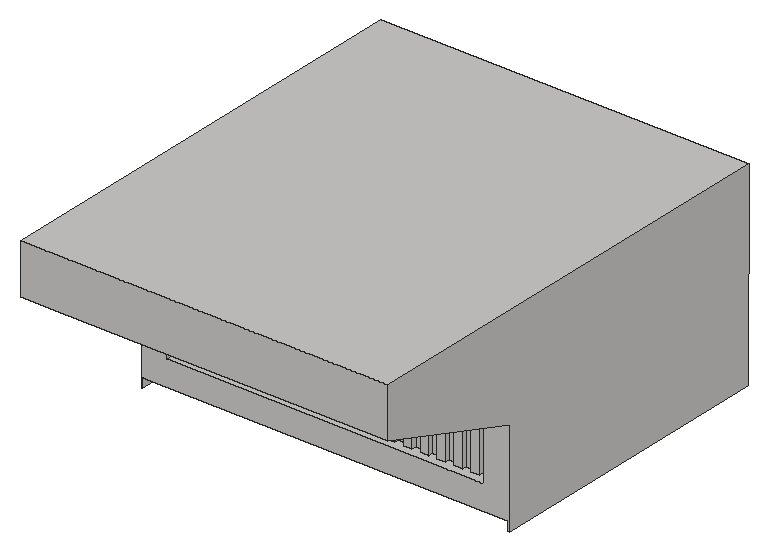
Revit family "QF_ZANUSSI_922723_HOCO61011", category Specialty Equipment, Revit 2021
Family settings
  Round Connector Dimension = Use Diameter
  Part Type = Normal
  Work Plane-Based = No
  Always vertical = Yes
  Cut with Voids When Loaded = No
  Shared = No
  Room Calculation Point = No
Parameters
  Weight = 77.00 kg
  Watts = 0 W
  Volts = 220 V
  URL Manufacturer = "http://www.zanussiprofessional.com"
  URL = "http://www.zanussiprofessional.com"
  Steam Supply Size = 0 mm
  Steam Supply Minimum Pressure = 0.0 Pa
  Steam Supply Maximum Pressure = 0.0 Pa
  Steam Pounds per Hour = 0
  Show Logo [instance] = yes
  Show Clearance [instance] = yes
  Refrigeration Suction Line Size = 0 mm
  Refrigeration Liquid Line Size = 0 mm
  Refrigerant Compressor Remote = yes
  Manufacturer = "Zanussi"
  Phase = 1
  Model = "HOCT11E"
  Length Actual = 875 mm
  Item Number = "922723"
  Hot Water Size = 0 mm
  Height Actual = 472 mm
  HP = "0.5 HP"
  Gas Size = 0 mm
  Gas KW = 0
  Gas Input Pressure = 0 W
  Direct Waste Size = 20 mm
  Description = "CONDENSATION HOOD WITH FAN FOR 6&10GN 1/1 ELECTRIC OVEN"
  Depth Actual = 1070 mm
  Default Elevation = 0 mm
  Cycle = 50 Hz
  Condensate Return Size = 0 mm
  Compressed Air Volume = 0.0 L/s
  Compressed Air Size = 0 mm
  Compressed Air Pressure = 0.0 Pa
  Cold Water Size = 0 mm
  Accessory = no
Reference planes
  plane 1 "Center X": y = 92.351
  plane 2: z = 0
  plane 3 "Center Y": x = -326.5
  plane 4 "LEFT": x = -760
  plane 5 "BACK": y = 479.851
  plane 6 "RIGHT": x = 107
  plane 7 "FRONT": y = -295.149
  plane 8 "TOP": z = 1728
  plane 9: y = -590.149
  plane 10: x = -764
  plane 11: x = 111
  plane 12: z = 2178
Forms (mm)
  Extrusion 1, solid, material "QF_Clearance", visible <- "Show Clearance", detail levels coarse
    sketch origin (0, 0, 0) x (1, 0, 0) y (0, 1, 0)
      loop
        line (-764, 479.851) -> (111, 479.851) -> (111, 629.851) -> (-764, 629.851) -> (-764, 479.851)
    from 1707 to 2178
  Extrusion 2, solid, material "QF_Clearance", visible <- "Show Clearance", detail levels coarse
    sketch origin (-1150.39, -1524, 2178) x (-1, 0, 0) y (0, -1, 0)
      loop
        line (-386.39, -933.851) -> (-1261.39, -933.851) -> (-1261.39, -2153.851) -> (-386.39, -2153.851) -> (-386.39, -933.851)
    from 450 to 0
  Extrusion 3, solid, material "QF_Finishes_Stainless Steel"
    sketch origin (-764, 902.856, 4000) x (0, 1, 0) y (0, 0, 1)
      loop
        line (-423.005, -2272) -> (-423.005, -1822) -> (-1493.005, -1822) -> (-1493.005, -1942.064) -> (-1133.005, -2066.021) -> (-1133.005, -2272) -> (-423.005, -2272)
    from 60 to 0
  Extrusion 4, solid, material "QF_Finishes_Stainless Steel"
    sketch origin (111, 902.856, 4000) x (0, 1, 0) y (0, 0, 1)
      loop
        line (-423.005, -2272) -> (-423.005, -1822) -> (-1493.005, -1822) -> (-1493.005, -1942.064) -> (-1133.005, -2066.021) -> (-1133.005, -2272) -> (-423.005, -2272)
    from -60 to 0
  Extrusion 5, solid, material "QF_Finishes_Stainless Steel"
    sketch origin (-326.5, 0, 0) x (0, 1, 0) y (0, 0, 1)
      loop
        line (479.851, 1728) -> (479.851, 2178) -> (-590.149, 2178) -> (-590.149, 2057.936) -> (-210.149, 2057.936) -> (-210.149, 1788) -> (-230.149, 1788) -> (-230.149, 1728) -> (479.851, 1728)
    from -377.5 to 377.5
  Extrusion 6, solid, material "QF_Finishes_Stainless Steel"
    sketch origin (0, -295.149, 0) x (-1, 0, 0) y (0, 0, 1)
      loop
        line (764, 1728) -> (760, 1728) -> (760, 1707) -> (764, 1707) -> (764, 1728)
      loop
        line (-107, 1728) -> (-111, 1728) -> (-111, 1707) -> (-107, 1707) -> (-107, 1728)
    from 65 to 775
  Extrusion 7, solid, material "QF_Finishes_Stainless Steel"
    sketch origin (0, 479.851, 0) x (-1, 0, 0) y (0, 0, 1)
      loop
        circle (-86, 2113) r 8
      loop
        circle (326.5, 1746) r 7
    from 0 to 20
  Extrusion 8, void
    sketch origin (0, 0, 0) x (1, 0, 0) y (0, 1, 0)
      loop
        line (-696.5, -200.149) -> (-696.5, -210.149) -> (-676.5, -210.149) -> (-676.5, -200.149) -> (-696.5, -200.149)
      loop
        line (-656.5, -200.149) -> (-656.5, -210.149) -> (-636.5, -210.149) -> (-636.5, -200.149) -> (-656.5, -200.149)
      loop
        line (-616.5, -200.149) -> (-616.5, -210.149) -> (-596.5, -210.149) -> (-596.5, -200.149) -> (-616.5, -200.149)
      loop
        line (-576.5, -200.149) -> (-576.5, -210.149) -> (-556.5, -210.149) -> (-556.5, -200.149) -> (-576.5, -200.149)
      loop
        line (-536.5, -200.149) -> (-536.5, -210.149) -> (-516.5, -210.149) -> (-516.5, -200.149) -> (-536.5, -200.149)
      loop
        line (-496.5, -200.149) -> (-496.5, -210.149) -> (-476.5, -210.149) -> (-476.5, -200.149) -> (-496.5, -200.149)
      loop
        line (-456.5, -200.149) -> (-456.5, -210.149) -> (-436.5, -210.149) -> (-436.5, -200.149) -> (-456.5, -200.149)
      loop
        line (-416.5, -200.149) -> (-416.5, -210.149) -> (-396.5, -210.149) -> (-396.5, -200.149) -> (-416.5, -200.149)
      loop
        line (-376.5, -200.149) -> (-376.5, -210.149) -> (-356.5, -210.149) -> (-356.5, -200.149) -> (-376.5, -200.149)
      loop
        line (-336.5, -200.149) -> (-336.5, -210.149) -> (-316.5, -210.149) -> (-316.5, -200.149) -> (-336.5, -200.149)
      loop
        line (-296.5, -200.149) -> (-296.5, -210.149) -> (-276.5, -210.149) -> (-276.5, -200.149) -> (-296.5, -200.149)
      loop
        line (-256.5, -200.149) -> (-256.5, -210.149) -> (-236.5, -210.149) -> (-236.5, -200.149) -> (-256.5, -200.149)
      loop
        line (-216.5, -200.149) -> (-216.5, -210.149) -> (-196.5, -210.149) -> (-196.5, -200.149) -> (-216.5, -200.149)
      loop
        line (-176.5, -200.149) -> (-176.5, -210.149) -> (-156.5, -210.149) -> (-156.5, -200.149) -> (-176.5, -200.149)
      loop
        line (-136.5, -200.149) -> (-136.5, -210.149) -> (-116.5, -210.149) -> (-116.5, -200.149) -> (-136.5, -200.149)
      loop
        line (-96.5, -200.149) -> (-96.5, -210.149) -> (-76.5, -210.149) -> (-76.5, -200.149) -> (-96.5, -200.149)
      loop
        line (-56.5, -200.149) -> (-56.5, -210.149) -> (-36.5, -210.149) -> (-36.5, -200.149) -> (-56.5, -200.149)
      loop
        line (-16.5, -200.149) -> (-16.5, -210.149) -> (3.5, -210.149) -> (3.5, -200.149) -> (-16.5, -200.149)
      loop
        line (23.5, -200.149) -> (23.5, -210.149) -> (43.5, -210.149) -> (43.5, -200.149) -> (23.5, -200.149)
    from 1788 to 2057.936
Cuts and joins
  joined: Extrusion 1, Extrusion 2
  Extrusion 8 cuts Extrusion 3
  Extrusion 8 cuts Extrusion 4
  Extrusion 8 cuts Extrusion 5
  Extrusion 8 cuts Extrusion 6
  Extrusion 8 cuts Extrusion 7
  joined: Extrusion 3, Extrusion 4, Extrusion 5, Extrusion 6, Extrusion 7
Lines and regions (mm)
  symbolic lines, style "QF_Clearances", visible <- "Show Clearance"
    curve 1: line (111, 629.851, 0) -> (-764, 629.851, 0)
  symbolic lines, style "Linee tratto punto"
    curve 2: line (-764, 479.851, 0) -> (111, 479.851, 0)
    curve 3: line (-764, -590.149, 0) -> (-764, 479.851, 0)
    curve 4: line (111, -590.149, 0) -> (-764, -590.149, 0)
    curve 5: line (111, 479.851, 0) -> (111, -590.149, 0)
    curve 16: line (-764, -590.149, 0) -> (111, 479.851, 0)
    curve 17: line (-764, 479.851, 0) -> (111, -590.149, 0)
  symbolic lines
    curve 6: line (-333.5, 499.851, 0) -> (-319.5, 499.851, 0)
    curve 7: line (-319.5, 499.851, 0) -> (-319.5, 479.851, 0)
    curve 8: line (-333.5, 499.851, 0) -> (-333.5, 479.851, 0)
    curve 9: line (94, 499.851, 0) -> (94, 479.851, 0)
    curve 10: line (94, 499.851, 0) -> (78, 499.851, 0)
    curve 11: line (78, 499.851, 0) -> (78, 479.851, 0)
  symbolic lines, style "SpecialityEquipmentHiddenLines"
    curve 12: line (-334, 338.851, 0) -> (-34, 338.851, 0)
    curve 13: line (-334, 38.851, 0) -> (-334, 338.851, 0)
    curve 14: line (-34, 38.851, 0) -> (-334, 38.851, 0)
    curve 15: line (-34, 338.851, 0) -> (-34, 38.851, 0)
Dimensions and locks
  equal spacing: plane 4 "LEFT", plane 3 "Center Y", plane 6 "RIGHT"
  plane 10 to plane 11 = 875 mm
  plane 5 "BACK" to plane 9 = 1070 mm
  equal spacing: plane 5 "BACK", plane 1 "Center X", plane 7 "FRONT"
  locked: plane 10 to plane 4 "LEFT" at 4
  locked: plane 6 "RIGHT" to plane 11 at 4
  cut or joined group of Extrusion 3, Extrusion 4, Extrusion 5, Extrusion 6, Extrusion 7, Extrusion 8 to Extrusion 7 sketch curve = 39 mm
  Extrusion 7 sketch curve to plane 12 = 65 mm
  plane 11 to Extrusion 7 sketch curve = 25 mm
  aligned and locked: level to plane 2
Automatic sketch dimensions
  Extrusion 1 sketch curve to plane 10 = 0 mm
  Extrusion 1 sketch curve to plane 11 = 0 mm
  Extrusion 1 sketch curve to plane 5 "BACK" = 0 mm
  plane 5 "BACK" to Extrusion 1 sketch curve = 150 mm
  Extrusion 2 sketch curve to plane 9 = 0 mm
  Extrusion 2 sketch curve to plane 11 = 0 mm
  Extrusion 2 sketch curve to plane 10 = 0 mm
  plane 5 "BACK" to Extrusion 2 sketch curve = 150 mm
  Extrusion 5 sketch curve to plane 9 = 0 mm
  Extrusion 5 sketch curve to plane 8 "TOP" = 0 mm
  Extrusion 5 sketch curve to plane 5 "BACK" = 0 mm
  Extrusion 5 sketch curve to plane 12 = 0 mm
  plane 7 "FRONT" to Extrusion 5 sketch curve = 65 mm
  plane 7 "FRONT" to Extrusion 5 sketch curve = 85 mm
  plane 8 "TOP" to Extrusion 5 sketch curve = 60 mm
  Extrusion 5 sketch curve to plane 12 = 120.064 mm
  Extrusion 6 sketch curve to plane 8 "TOP" = 0 mm  (x2)
  Extrusion 6 sketch curve to plane 11 = 0 mm
  Extrusion 6 sketch curve to plane 6 "RIGHT" = 0 mm
  Extrusion 6 sketch curve to plane 4 "LEFT" = 0 mm
  Extrusion 6 sketch curve to plane 10 = 0 mm
  Extrusion 6 sketch curve to plane 8 "TOP" = 21 mm
  Extrusion 6 sketch curve to Extrusion 6 sketch curve = 21 mm
  Extrusion 7 sketch curve to plane 3 "Center Y" = 0 mm
  curve 1 to plane 10 = 0 mm
  curve 4 to plane 10 = 0 mm
  curve 1 to plane 11 = 0 mm
  curve 16 to plane 5 "BACK" = 0 mm
  curve 16 to plane 11 = 0 mm
  curve 5 to plane 9 = 0 mm
  curve 8 to plane 3 "Center Y" = 7 mm
  plane 3 "Center Y" to curve 6 = 7 mm
  curve 12 to plane 3 "Center Y" = 7.5 mm
  curve 15 to plane 6 "RIGHT" = 141 mm
  curve 11 to plane 6 "RIGHT" = 29 mm
  curve 9 to plane 6 "RIGHT" = 13 mm
  plane 1 "Center X" to curve 14 = 53.5 mm
  curve 12 to plane 5 "BACK" = 141 mm
  curve 9 to curve 10 = 20 mm
  plane 5 "BACK" to curve 8 = 20 mm
  curve 9 to curve 1 = 130 mm
  Extrusion 4 sketch curve to plane 9 = 0 mm
  Extrusion 4 sketch curve to plane 8 "TOP" = 0 mm
  Extrusion 4 sketch curve to plane 5 "BACK" = 0 mm
  Extrusion 4 sketch curve to plane 12 = 0 mm
  plane 7 "FRONT" to Extrusion 4 sketch curve = 65 mm
  plane 8 "TOP" to Extrusion 4 sketch curve = 205.979 mm
  Extrusion 4 sketch curve to Extrusion 4 sketch curve = 120.064 mm
  Extrusion 3 sketch curve to plane 9 = 0 mm
  Extrusion 3 sketch curve to plane 8 "TOP" = 0 mm
  Extrusion 3 sketch curve to plane 5 "BACK" = 0 mm
  Extrusion 3 sketch curve to plane 12 = 0 mm
  plane 7 "FRONT" to Extrusion 3 sketch curve = 65 mm
  plane 8 "TOP" to Extrusion 3 sketch curve = 205.979 mm
  Extrusion 3 sketch curve to Extrusion 3 sketch curve = 120.064 mm
  plane 4 "LEFT" to Extrusion 8 sketch curve = 63.5 mm
  Extrusion 8 sketch curve to Extrusion 8 sketch curve = 20 mm  (x35)
  Extrusion 8 sketch curve to plane 3 "Center Y" = 30 mm
  Extrusion 8 sketch curve to plane 3 "Center Y" = 10 mm
  plane 7 "FRONT" to Extrusion 8 sketch curve = 85 mm  (x2)
  Extrusion 8 sketch curve to Extrusion 8 sketch curve = 0 mm  (x17)
  Extrusion 8 sketch curve to Extrusion 8 sketch curve = 10 mm  (x19)
  radius of Extrusion 7 sketch curve = 8 mm
  radius of Extrusion 7 sketch curve = 7 mm
Connectors
  electrical at (86, 499.851, 2113)
    settings: on cut or joined group of Extrusion 3, Extrusion 4, Extrusion 5, Extrusion 6, Extrusion 7, Extrusion 8, index 1, voltage 0 V, apparent load 0 VA, apparent load phase1 0 VA, apparent load phase2 0 VA, apparent load phase3 0 VA, power factor 1, load classification "Altro", number of poles 1, system type 30, power factor state 1, is connector primary yes, connector utility no, sub classification motor no, connector description "Electrical Connection"
  piping at (-326.5, 499.851, 1746), diameter 14
    settings: on cut or joined group of Extrusion 3, Extrusion 4, Extrusion 5, Extrusion 6, Extrusion 7, Extrusion 8, index 2, connector inside diameter 609.6 mm, connector length 0 mm, flow factor 0, pipe flow 0.0 L/s, pressure drop 0.0 Pa, fitting loss kfactor 0, connector angle 0.00°, fixture units 0, engagement length 0 mm, angle of deflection 0.00°, flow configuration 1, flow direction 2, fitting loss method 0, system type 16, joint type 0, gender type 0, connector reference index -1, connector utility 0, adjustable connector no, is connector primary yes, connector description "Drain"
